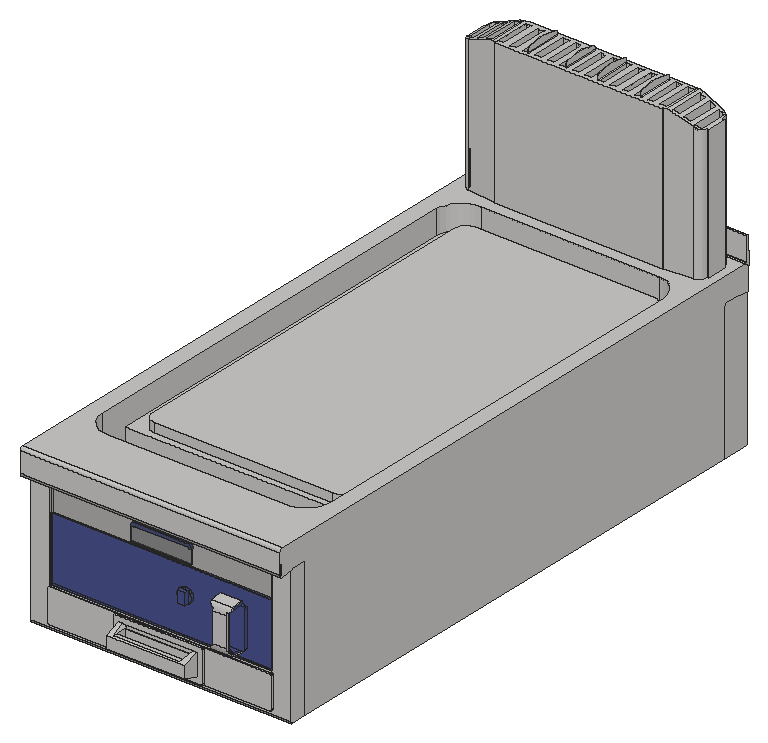
Revit family "QF_ELECTROLUXPROFESSIONAL_589093_MCHMABDOPO", category Specialty Equipment, Revit 2018
Family settings
  Round Connector Dimension = Use Diameter
  Part Type = Normal
  Work Plane-Based = No
  Always vertical = Yes
  Cut with Voids When Loaded = No
  Shared = No
  Room Calculation Point = No
Parameters
  Weight in Pounds = 152.1
  Watts = 0 W
  URL Cutsheet = ""
  Type Mark [instance] = ""
  Specification by User [instance] = ""
  Specification by Manufacturer = ""
  Show Clearance [instance] = yes
  Serial Number = ""
  Seismic Rating = ""
  SMACNA No = ""
  Revision Code [instance] = ""
  Omniclass Number and Title = ""
  NAFEM Spec ID Number = ""
  Model = "589093"
  Mechanical Remarks = ""
  Mechanical Connection Type = ""
  Masterspec = ""
  Manufacturer = "ELECTROLUX"
  Item Number [instance] = ""
  Installed By [instance] = ""
  Identify Quantity as Lot [instance] = yes
  HP = "0 HP"
  Gas Size = 1/2"
  Gas RI Height [instance] = 0 mm
  Gas KW = 10
  Gas Input [instance] = 34090.0 Btu/h
  Gas Connection Height = 0 mm
  Furnished By [instance] = ""
  Foodservice Equipment Identifier [instance] = yes
  Direct Waste Size = 0"
  Description = "GAS FRYTOP,SMOOTH,1S,BSPL,400X900X250H"
  CSI MasterFormat = ""
  CSI Master Format = ""
Reference planes
  plane 1 "BACK": y = 0
  plane 2: z = 0
  plane 3 "LEFT": x = 0
  plane 4 "RIGHT": x = 400
  plane 5 "FRONT": y = -900
  plane 6 "TOP": z = 250
  plane 7: x = 200
  plane 8: y = -450
  plane 9: z = 481
  plane 10: y = -1330
Forms (mm)
  Extrusion 1, solid, material "QF_Finishes_Stainless Steel"
    sketch origin (0, -487.128, 0) x (0, 1, 0) y (0, 0, 1)
      loop
        line (483.128, 250) -> (-408.872, 250)
        arc (-408.872, 250) -> (-411.7, 248.828) -> (-412.872, 246) r 4
        line (-412.872, 246) -> (-412.872, 214)
        arc (-412.872, 214) -> (-411.443, 210.936) -> (-408.177, 210.061) r 4
        line (-408.177, 210.061) -> (-391.509, 213) -> (-366.872, 213) -> (-366.872, 0) -> (441.128, 0) -> (441.128, 213) -> (465.765, 213) -> (482.433, 210.061)
        arc (482.433, 210.061) -> (485.699, 210.936) -> (487.128, 214) r 4
        line (487.128, 214) -> (487.128, 246)
        arc (487.128, 246) -> (485.956, 248.828) -> (483.128, 250) r 4
    from 0 to 400
  Extrusion 2, void
    sketch origin (653.786, 44.048, 250) x (1, 0, 0) y (0, -1, 0)
      loop
        line (-590.636, 138.048) -> (-316.936, 138.048)
        arc (-316.936, 138.048) -> (-289.96, 149.222) -> (-278.786, 176.198) r 38.15
        line (-278.786, 176.198) -> (-278.786, 816.572)
        arc (-278.786, 816.572) -> (-290.056, 843.779) -> (-317.263, 855.048) r 38.476
        line (-317.263, 855.048) -> (-591.786, 855.048)
        arc (-591.786, 855.048) -> (-617.949, 844.211) -> (-628.786, 818.048) r 37
        line (-628.786, 818.048) -> (-628.786, 176.198)
        arc (-628.786, 176.198) -> (-617.613, 149.222) -> (-590.636, 138.048) r 38.15
    from 0 to 37
  Extrusion 3, void
    sketch origin (1307.573, 92.096, 213) x (0, 1, 0) y (1, 0, 0)
      loop
        line (-821.846, -932.573) -> (-864.62, -932.573)
        arc (-864.62, -932.573) -> (-891.827, -943.842) -> (-903.096, -971.049) r 38.476
        line (-903.096, -971.049) -> (-903.096, -1245.573)
        arc (-903.096, -1245.573) -> (-892.259, -1271.736) -> (-866.096, -1282.573) r 37
        line (-866.096, -1282.573) -> (-821.846, -1282.573) -> (-821.846, -932.573)
    from 0 to 25.6
  Extrusion 4, void
    sketch origin (1307.573, 92.096, 187.4) x (-1, 0, 0) y (0, 1, 0)
      loop
        circle (1212.573, -862.096) r 22.248
    from 0 to 92
  Extrusion 5, solid, material "QF_Finishes_Stainless Steel"
    sketch origin (0, -854, 0) x (1, 0, 0) y (0, -1, 0)
      loop
        circle (365, -264) r 6.35
    from 0 to 3.2
  Extrusion 6, solid, material "QF_Door-Drawer Clearances", visible <- "Show Clearance", detail levels coarse
    sketch origin (237.31, -881.593, 8.62) x (0, 0, 1) y (-1, 0, 0)
      loop
        line (1.973, -134.295) -> (49.317, -134.295)
        arc (49.317, -134.295) -> (50.776, -133.691) -> (51.38, -132.232) r 2.063
        line (51.38, -132.232) -> (51.38, 206.852)
        arc (51.38, 206.852) -> (50.88, 208.549) -> (49.541, 209.705) r 3.133
        line (49.541, 209.705) -> (3.067, 209.705)
        arc (3.067, 209.705) -> (0.898, 208.807) -> (0, 206.638) r 3.067
        line (0, 206.638) -> (0, -132.322)
        arc (0, -132.322) -> (0.578, -133.717) -> (1.973, -134.295) r 1.973
    from 0 to 448.407
  Extrusion 7, solid, material "QF_Finishes_Stainless Steel"
    sketch origin (653.786, 44.048, 213) x (1, 0, 0) y (0, 1, 0)
      loop
        line (-608.786, -166.361) -> (-608.786, -745.485)
        arc (-608.786, -745.485) -> (-603.47, -758.319) -> (-590.636, -763.635) r 18.15
        line (-590.636, -763.635) -> (-316.936, -763.635)
        arc (-316.936, -763.635) -> (-304.102, -758.319) -> (-298.786, -745.485) r 18.15
        line (-298.786, -745.485) -> (-298.786, -166.361)
        arc (-298.786, -166.361) -> (-304.102, -153.527) -> (-316.936, -148.211) r 18.15
        line (-316.936, -148.211) -> (-590.636, -148.211)
        arc (-590.636, -148.211) -> (-603.47, -153.527) -> (-608.786, -166.361) r 18.15
    from 0 to 13.3
  Extrusion 8, solid, material "QF_Clearances", visible <- "Show Clearance", detail levels coarse
    sketch origin (-178.969, -4572, 0) x (-1, 0, 0) y (0, -1, 0)
      loop
        line (-78.969, -3672) -> (-178.969, -3672) -> (-178.969, -4572) -> (-578.969, -4572) -> (-578.969, -3672) -> (-678.969, -3672) -> (-678.969, -4672) -> (-78.969, -4672) -> (-78.969, -3672)
    from 0 to 250
  Extrusion 9, solid, material "QF_Finishes_Stainless Steel"
    sketch origin (0, 0, 0) x (0, 1, 0) y (0, 0, 1)
      loop
        line (-2.951, 1.994) -> (-2.951, 210.127)
        arc (-2.951, 210.127) -> (-3.795, 210.003) -> (-4.646, 210.061) r 4
        line (-4.646, 210.061) -> (-21.287, 212.994) -> (-45, 212.994) -> (-45, -0.006) -> (-4.951, -0.006)
        arc (-4.951, -0.006) -> (-3.537, 0.58) -> (-2.951, 1.994) r 2
      loop
        arc (-1.951, 252) -> (-2.537, 250.586) -> (-3.951, 250) r 2
        arc (-3.951, 250) -> (-1.172, 248.823) -> (0, 245.994) r 4
        line (0, 245.994) -> (0, 288) -> (-1.951, 288) -> (-1.951, 252)
    from 400 to 0
Cuts and joins
  Extrusion 2, Extrusion 3, Extrusion 4 cuts Extrusion 1
Lines and regions (mm)
  symbolic lines
    curve 1: line (293.666, -902.326, 0) -> (293.666, -900, 0)
    curve 2: spline (299.334, -903.73, 0) -> (298.856, -903.657, 0) -> (298.378, -903.575, 0) -> (297.901, -903.486, 0) -> (297.425, -903.389, 0) -> (296.95, -903.283, 0) -> (296.476, -903.17, 0) -> (296.004, -903.049, 0) -> (295.533, -902.92, 0) -> (295.064, -902.783, 0) -> (294.596, -902.638, 0) -> (294.13, -902.486, 0) -> (293.666, -902.326, 0)
    curve 3: line (325.881, -902.326, 0) -> (325.881, -900, 0)
    curve 4: spline (325.881, -902.326, 0) -> (325.417, -902.486, 0) -> (324.951, -902.638, 0) -> (324.483, -902.783, 0) -> (324.014, -902.92, 0) -> (323.543, -903.049, 0) -> (323.071, -903.17, 0) -> (322.597, -903.283, 0) -> (322.122, -903.389, 0) -> (321.646, -903.486, 0) -> (321.169, -903.575, 0) -> (320.691, -903.657, 0) -> (320.213, -903.73, 0)
    curve 5: line (299.334, -903.73, 0) -> (320.213, -903.73, 0)
    curve 6: line (25, -774, 0) -> (25, -132.15, 0)
    curve 7: arc (25, -132.15, 0) -> (36.174, -105.174, 0) -> (63.15, -94, 0) r 38.15
    curve 8: line (63.15, -94, 0) -> (336.85, -94, 0)
    curve 9: arc (336.85, -94, 0) -> (363.826, -105.174, 0) -> (375, -132.15, 0) r 38.15
    curve 10: line (375, -132.15, 0) -> (375, -772.524, 0)
    curve 11: arc (375, -772.524, 0) -> (363.731, -799.731, 0) -> (336.524, -811, 0) r 38.476
    curve 12: line (336.524, -811, 0) -> (62, -811, 0)
    curve 13: arc (62, -811, 0) -> (35.837, -800.163, 0) -> (25, -774, 0) r 37
    curve 14: line (375, -729.75, 0) -> (25, -729.75, 0)
    curve 15: circle (95, -770, 0) r 22.248 normal (0, 0, -1)
    curve 16: line (0, 0, 0) -> (400, 0, 0)
    curve 17: line (0, -900, 0) -> (0, 0, 0)
    curve 18: line (400, -900, 0) -> (0, -900, 0)
    curve 19: line (400, 0, 0) -> (400, -900, 0)
    curve 20: line (147.608, -908.767, 0) -> (250.042, -908.767, 0)
    curve 21: line (250.042, -908.767, 0) -> (251.588, -900, 0)
    curve 22: line (147.608, -908.767, 0) -> (146.062, -900, 0)
  symbolic lines, style "QF_Door-Drawer Clearances"
    curve 23: line (27.605, -1330, 0) -> (27.605, -900, 0)
    curve 24: line (27.605, -1330, 0) -> (371.605, -1330, 0)
    curve 25: line (371.605, -1330, 0) -> (371.605, -900, 0)
  symbolic lines, style "SpecialityEquipment"
    curve 26: line (355, -701.437, 0) -> (355, -122.313, 0)
    curve 27: arc (355, -122.313, 0) -> (349.684, -109.479, 0) -> (336.85, -104.163, 0) r 18.15
    curve 28: line (336.85, -104.163, 0) -> (63.15, -104.163, 0)
    curve 29: arc (63.15, -104.163, 0) -> (50.316, -109.479, 0) -> (45, -122.313, 0) r 18.15
    curve 30: line (45, -122.313, 0) -> (45, -701.437, 0)
    curve 31: arc (45, -701.437, 0) -> (50.316, -714.271, 0) -> (63.15, -719.587, 0) r 18.15
    curve 32: line (63.15, -719.587, 0) -> (336.85, -719.587, 0)
    curve 33: arc (336.85, -719.587, 0) -> (349.684, -714.271, 0) -> (355, -701.437, 0) r 18.15
    curve 37: line (0, -1.951, 0) -> (400, -1.951, 0)
  symbolic lines, style "QF_Clearances", visible <- "Show Clearance", detail levels coarse
    curve 34: line (-100, 100, 0) -> (-100, -900, 0)
    curve 35: line (500, 100, 0) -> (-100, 100, 0)
    curve 36: line (500, -900, 0) -> (500, 100, 0)
Dimensions and locks
  plane 3 "LEFT" to plane 4 "RIGHT" = 400 mm
  plane 5 "FRONT" to plane 1 "BACK" = 900 mm
  equal spacing: plane 3 "LEFT", plane 7, plane 4 "RIGHT"
  equal spacing: plane 5 "FRONT", plane 8, plane 1 "BACK"
  plane 6 "TOP" to level = 250 mm  (x2)
  plane 1 "BACK" to plane 5 "FRONT" = 900 mm
  Extrusion 5 sketch curve to plane 1 "BACK" = 590 mm
  Extrusion 5 sketch curve to plane 4 "RIGHT" = 35 mm
  plane 5 "FRONT" to plane 10 = 430 mm
  plane 9 to plane 6 "TOP" = 231 mm
  plane 9 to level = 481 mm
  Extrusion 8 to plane 3 "LEFT" = 100 mm
  plane 4 "RIGHT" to Extrusion 8 = 100 mm
  plane 1 "BACK" to Extrusion 8 = 100 mm
  radius of Extrusion 7 sketch curve = 18.15 mm  (x4)
  aligned and locked: level to plane 2
  aligned and locked: plane 7 to nested 1
  aligned and locked: Extrusion 6 to plane 10
  aligned and locked: nested 2 to plane 6 "TOP"
  aligned and locked: plane 6 "TOP" to Extrusion 8
  aligned and locked: Extrusion 9 to plane 4 "RIGHT"
Automatic sketch dimensions
  Extrusion 1 to Extrusion 2 sketch curve = 90 mm
  Extrusion 1 to Extrusion 2 sketch curve = 122 mm
  Extrusion 1 to Extrusion 2 sketch curve = 25 mm
  Extrusion 2 sketch curve to Extrusion 2 sketch curve = 38.15 mm  (x2)
  Extrusion 1 to Extrusion 2 sketch curve = 123.476 mm
  Extrusion 1 to Extrusion 2 sketch curve = 85 mm
  Extrusion 2 sketch curve to Extrusion 2 sketch curve = 274.524 mm
  Extrusion 1 sketch curve to plane 5 "FRONT" = 0 mm
  Extrusion 1 sketch curve to plane 6 "TOP" = 0 mm
  Extrusion 1 sketch curve to level = 0 mm
  Extrusion 1 sketch curve to plane 1 "BACK" = 0 mm
  Extrusion 1 sketch curve to plane 6 "TOP" = 37 mm  (x2)
  Extrusion 1 sketch curve to plane 5 "FRONT" = 4 mm
  Extrusion 1 sketch curve to plane 5 "FRONT" = 21.363 mm
  Extrusion 1 sketch curve to plane 5 "FRONT" = 46 mm
  plane 1 "BACK" to Extrusion 1 sketch curve = 21.363 mm
  plane 1 "BACK" to Extrusion 1 sketch curve = 4 mm  (x2)
  Extrusion 1 sketch curve to Extrusion 1 sketch curve = 4 mm
  Extrusion 1 sketch curve to Extrusion 1 sketch curve = 0.695 mm
  Extrusion 1 sketch curve to Extrusion 1 sketch curve = 0 mm  (x4)
  plane 1 "BACK" to Extrusion 1 sketch curve = 4.695 mm
  Extrusion 1 sketch curve to Extrusion 1 sketch curve = 1 mm  (x2)
  plane 1 "BACK" to Extrusion 1 sketch curve = 46 mm
  Extrusion 3 sketch curve to Extrusion 2 = 81.25 mm
  Extrusion 2 to Extrusion 3 sketch curve = 0 mm  (x2)
  Extrusion 3 sketch curve to Extrusion 3 sketch curve = 37 mm
  Extrusion 3 sketch curve to Extrusion 3 sketch curve = 274.524 mm
  Extrusion 3 sketch curve to Extrusion 2 = 38.476 mm
  Extrusion 4 sketch curve to Extrusion 3 = 41 mm
  Extrusion 4 sketch curve to Extrusion 3 = 70 mm
  Extrusion 6 sketch curve to nested 1 = 1.973 mm
  Extrusion 6 sketch curve to nested 1 = 2.853 mm
  Extrusion 6 sketch curve to nested 1 = 1.839 mm
  Extrusion 7 sketch curve to Extrusion 2 = 20 mm
  Extrusion 7 sketch curve to Extrusion 2 = 91.413 mm
  Extrusion 7 sketch curve to Extrusion 2 = 38.15 mm
  Extrusion 7 sketch curve to Extrusion 2 = 28.313 mm
  plane 1 "BACK" to Extrusion 8 sketch curve = 0 mm
  plane 5 "FRONT" to Extrusion 8 sketch curve = 0 mm  (x2)
  Extrusion 8 sketch curve to plane 4 "RIGHT" = 100 mm
  Extrusion 8 sketch curve to plane 1 "BACK" = 100 mm
  Extrusion 8 sketch curve to plane 3 "LEFT" = 100 mm
  Extrusion 8 sketch curve to plane 3 "LEFT" = 0 mm
  Extrusion 8 sketch curve to plane 4 "RIGHT" = 0 mm
  Extrusion 9 sketch curve to plane 1 "BACK" = 0 mm  (x2)
  Extrusion 9 sketch curve to level = 0.006 mm
  Extrusion 9 sketch curve to plane 6 "TOP" = 0 mm
  Extrusion 9 sketch curve to Extrusion 9 sketch curve = 1.951 mm
  plane 1 "BACK" to Extrusion 9 sketch curve = 2.951 mm
  Extrusion 9 sketch curve to Extrusion 9 sketch curve = 2 mm  (x2)
  Extrusion 9 sketch curve to Extrusion 9 sketch curve = 18.335 mm
  Extrusion 9 sketch curve to Extrusion 9 sketch curve = 40.049 mm
  Extrusion 9 sketch curve to Extrusion 9 sketch curve = 1.695 mm
  Extrusion 9 sketch curve to Extrusion 9 sketch curve = 0 mm  (x3)
  Extrusion 9 sketch curve to Extrusion 9 sketch curve = 4 mm
  plane 1 "BACK" to Extrusion 9 sketch curve = 3.951 mm
  Extrusion 9 sketch curve to plane 6 "TOP" = 39.873 mm
  Extrusion 9 sketch curve to plane 6 "TOP" = 37.006 mm
  Extrusion 9 sketch curve to Extrusion 9 sketch curve = 36 mm
  Extrusion 9 sketch curve to Extrusion 9 sketch curve = 0.066 mm
  Extrusion 9 sketch curve to plane 6 "TOP" = 4.006 mm
  plane 1 "BACK" to curve 16 = 0 mm
  curve 24 to plane 10 = 0 mm
  curve 17 to plane 3 "LEFT" = 0 mm
  plane 5 "FRONT" to curve 18 = 0 mm
  plane 5 "FRONT" to curve 36 = 0 mm
  curve 37 to plane 4 "RIGHT" = 0 mm
  plane 5 "FRONT" to curve 34 = 0 mm
  curve 35 to plane 4 "RIGHT" = 100 mm
  plane 4 "RIGHT" to curve 10 = 25 mm
  plane 4 "RIGHT" to curve 24 = 28.395 mm
  curve 10 to curve 26 = 20 mm
  curve 33 to curve 32 = 18.15 mm
  curve 27 to curve 28 = 18.15 mm
  curve 8 to curve 27 = 0 mm
  curve 11 to curve 12 = 38.476 mm
  plane 5 "FRONT" to curve 3 = 2.326 mm
  curve 25 to curve 3 = 45.724 mm
  plane 5 "FRONT" to curve 5 = 3.73 mm
  curve 3 to curve 5 = 5.669 mm
  curve 5 to curve 5 = 20.878 mm
  plane 5 "FRONT" to curve 1 = 2.326 mm
  curve 2 to curve 1 = 5.669 mm
  plane 5 "FRONT" to curve 21 = 8.767 mm
  curve 1 to curve 21 = 43.623 mm
  curve 22 to plane 7 = 52.392 mm
  plane 3 "LEFT" to curve 28 = 63.15 mm
  plane 3 "LEFT" to curve 32 = 63.15 mm
  curve 8 to curve 28 = 0 mm
  plane 3 "LEFT" to curve 12 = 62 mm
  curve 29 to curve 30 = 18.15 mm
  plane 3 "LEFT" to curve 23 = 27.605 mm
  plane 3 "LEFT" to curve 6 = 25 mm
  curve 34 to plane 3 "LEFT" = 100 mm
  curve 3 to curve 4 = 9.839 mm
  plane 5 "FRONT" to curve 2 = 4.032 mm
  curve 2 to curve 5 = 4.17 mm
  curve 21 to curve 20 = 1.546 mm
  curve 20 to curve 22 = 1.546 mm
  curve 15 to curve 13 = 33 mm
  curve 34 to plane 1 "BACK" = 100 mm
  plane 1 "BACK" to curve 8 = 94 mm
  curve 8 to curve 28 = 10.163 mm
  curve 26 to curve 2 = 159.462 mm
  curve 32 to curve 10 = 52.937 mm
  curve 16 to curve 37 = 1.951 mm
  curve 30 to curve 14 = 28.313 mm
  curve 15 to curve 13 = 4 mm
  curve 2 to curve 4 = 0 mm
  radius of Extrusion 4 sketch curve = 22.248 mm
  radius of Extrusion 5 sketch curve = 6.35 mm
  radius of Extrusion 6 sketch curve to nested 1 = 0 mm  (x2)
  radius of curve 15 = 22.248 mm
Nested families
  nested 1: "GG_900_400 Front Panel with Center Grease Trap" at (202.376, -854, -650), type "GG_900_400 Front Panel with Center Grease Trap"
  nested 2: "GG_900_Flute for 400 fryer" at (404.201, -5, -635.571), type "GG_900_Flute for 400 fryer"
Connectors
  piping at (365, -590, -3.2), diameter 12.8
    settings: on Extrusion 5, index 1, connector inside diameter 0.50394", connector length 0 mm, flow factor 0, pipe flow 0 GPM, pressure drop 0.00 psi, fitting loss kfactor 0, connector angle 0.00°, fixture units 0, engagement length 0 mm, angle of deflection 0.00°, flow configuration 1, flow direction 1, fitting loss method 0, system type 7, joint type 0, gender type 0, connector reference index -1, connector utility 0, adjustable connector no, is connector primary yes, connector description "GAS CONNECTION"
Definition of nested family "GG_900_400 Front Panel with Center Grease Trap"
  Reference planes
    plane 1 "Center (Front/Back)": y = 0
    plane 2: z = 0
    plane 3 "Center (Left/Right)": x = -2.376
    plane 4: x = -202.376
    plane 5: x = 197.624
  Forms (mm)
    Extrusion 1, solid
      sketch origin (833.217, 829.203, -1.25) x (0, 1, 0) y (0, 0, 1)
        loop
          arc (-854.203, 654.25) -> (-853.324, 652.129) -> (-851.203, 651.25) r 3
          line (-851.203, 651.25) -> (-829.203, 651.25) -> (-829.203, 864.25) -> (-854.203, 864.25) -> (-854.203, 654.25)
      from -1035.593 to -635.593
    Extrusion 2, void
      sketch origin (33.217, 829.203, -1.25) x (1, 0, 0) y (0, 0, 1)
        loop
          line (-207.593, 855.116) -> (-207.593, 713.116) -> (136.407, 713.116) -> (136.407, 855.116) -> (-207.593, 855.116)
      from 848.59 to 854.203
    Extrusion 3, solid
      sketch origin (-166.718, -23.053, 847.184) x (0, 0, -1) y (1, 0, 0)
        loop
          circle (77.168, 200.901) r 11
      from 0 to 3.2
    Extrusion 4, solid
      sketch origin (-166.718, -26.253, 847.184) x (0, 0, -1) y (1, 0, 0)
        loop
          line (67.962, 195.586) -> (86.297, 195.586) -> (86.297, 206.217) -> (67.962, 206.217) -> (67.962, 195.586)
      from 0 to 6.4
  Cuts and joins
    Extrusion 2 cuts Extrusion 1
  Dimensions and locks
    equal spacing: plane 5, plane 3 "Center (Left/Right)", plane 4
    plane 5 to plane 4 = 400 mm
    plane 5 to nested 1 = 90 mm
    aligned and locked: cut or joined group of Extrusion 1, Extrusion 2 to plane 4
    aligned and locked: plane 5 to cut or joined group of Extrusion 1, Extrusion 2
    aligned and locked: plane 3 "Center (Left/Right)" to nested 2
    aligned and locked: cut or joined group of Extrusion 1, Extrusion 2 to nested 2
    aligned and locked: plane 3 "Center (Left/Right)" to nested 3
  Automatic sketch dimensions
    Extrusion 1 sketch curve to plane 1 "Center (Front/Back)" = 0 mm
    plane 1 "Center (Front/Back)" to Extrusion 1 sketch curve = 22 mm
    Extrusion 1 sketch curve to Extrusion 1 sketch curve = 3 mm
    level to Extrusion 1 sketch curve = 650 mm
    Extrusion 1 sketch curve to Extrusion 1 sketch curve = 210 mm
    plane 4 to Extrusion 2 sketch curve = 28 mm
    Extrusion 2 sketch curve to plane 5 = 28 mm
    level to Extrusion 2 sketch curve = 711.866 mm
    Extrusion 2 sketch curve to Extrusion 2 sketch curve = 142 mm
    nested 2 to Extrusion 3 sketch curve = 40.144 mm
    Extrusion 3 sketch curve to nested 2 = 132.531 mm
    Extrusion 4 sketch curve to Extrusion 4 sketch curve = 18.335 mm
    Extrusion 4 sketch curve to Extrusion 4 sketch curve = 10.631 mm
    radius of Extrusion 3 sketch curve = 11 mm
  Nested families
    nested 1: "Range Control Handle" at (107.624, -28.137, -209.113) x (-1, 0, 0) z (0, 0, 1), type "Range Control Handle"
    nested 2: "glass conrol panel" at (-2.376, 280.644, 2.752), type "glass conrol panel"
    nested 3: "grease trap door" at (65.223, -25, 0.608) x (-1, 0, 0) z (0, 0, 1), type "grease trap door"
  Definition of nested family "Range Control Handle"
    Reference planes
      plane 1 "Center (Front/Back)": y = 0
      plane 2: z = 0
      plane 3 "Center (Left/Right)": x = 0
      plane 4: z = 971.092
    Forms (mm)
      Extrusion 1, solid
        sketch origin (-746.28, 380.497, 208.931) x (-1, 0, 0) y (0, 0, 1)
          loop
            line (-770.101, 786.798) -> (-770.101, 731.649)
            arc (-770.101, 731.649) -> (-769.759, 730.563) -> (-768.855, 729.87) r 1.893
            line (-768.855, 729.87) -> (-763.474, 727.911) -> (-729.81, 727.911) -> (-724.428, 729.87)
            arc (-724.428, 729.87) -> (-723.525, 730.563) -> (-723.183, 731.649) r 1.893
            line (-723.183, 731.649) -> (-723.183, 786.798)
            arc (-723.183, 786.798) -> (-723.529, 787.894) -> (-724.44, 788.593) r 1.91
            line (-724.44, 788.593) -> (-729.683, 790.819) -> (-763.601, 790.819) -> (-768.844, 788.593)
            arc (-768.844, 788.593) -> (-769.755, 787.894) -> (-770.101, 786.798) r 1.91
        from -382.35 to -378.852
      Sweep 2, solid
        path origin (-746.788, 380.496, 208.091) x (0, -1, 0) y (0, 0, 1)
          loop
            line (379.775, 793.281) -> (395.661, 791.048)
            arc (395.661, 791.048) -> (397.781, 787.377) -> (398.517, 783.202) r 12.207
            line (398.517, 783.202) -> (398.517, 737.368)
            arc (398.517, 737.368) -> (397.781, 733.193) -> (395.661, 729.522) r 12.207
            line (395.661, 729.522) -> (379.775, 727.289)
        profile origin (-746.788, -7.222, 1000.256) x (0, -0.139173, 0.990268) y (-1, 0, 0)
          loop
            line (0.782, -763.123) -> (0.782, -730.907) -> (-1.322, -730.907) -> (-1.322, -763.123) -> (0.782, -763.123)
      Sweep 3, solid
        path origin (-746.788, 380.715, 207.832) x (0, -1, 0) y (0, 0, 1)
          loop
            line (380.478, 795.442) -> (397.218, 793.09)
            arc (397.218, 793.09) -> (399.929, 788.473) -> (400.871, 783.202) r 15.207
            line (400.871, 783.202) -> (400.871, 737.584)
            arc (400.871, 737.584) -> (399.914, 732.274) -> (397.164, 727.633) r 15.207
            line (397.164, 727.633) -> (380.601, 725.305)
        profile origin (-746.788, -8.132, 1002.099) x (0, -0.139173, 0.990268) y (-1, 0, 0)
          loop
            line (0.782, -763.123) -> (0.782, -730.907) -> (-1.322, -730.907) -> (-1.322, -763.123) -> (0.782, -763.123)
      Extrusion 4, void
        sketch origin (889.253, 220.666, 207.993) x (1, 0, 0) y (0, 0, 1)
          loop
            line (-943.038, 816.854) -> (-943.038, 703.686) -> (-899.466, 734.196) -> (-899.466, 786.344) -> (-943.038, 816.854)
        from 230.636 to 242.25
      Extrusion 5, void
        sketch origin (-888.8, 220.666, 207.993) x (-1, 0, 0) y (0, 0, -1)
          loop
            line (-943.038, -816.854) -> (-899.466, -786.344) -> (-899.466, -734.196) -> (-943.038, -703.686) -> (-943.038, -816.854)
        from 230.636 to 242.25
      Extrusion 6, solid
        sketch origin (0, 0, 0) x (1, 0, 0) y (0, 0, 1)
          loop
            circle (0, 971.092) r 7.736
        from -3.137 to -1.645
    Cuts and joins
      Extrusion 4, Extrusion 5 cuts Sweep 3
      Extrusion 4, Extrusion 5 cuts Sweep 2
      joined: Extrusion 1, Extrusion 6
    Lines and regions (mm)
      symbolic lines
        curve 1: line (23.821, 1.645, 0) -> (-23.097, 1.645, 0)
        curve 2: line (16.334, -1.853, 0) -> (23.821, -1.853, 0)
        curve 3: line (-15.881, -19.189, 0) -> (-15.881, -1.853, 0)
        curve 4: line (-23.097, -1.853, 0) -> (-15.881, -1.853, 0)
        curve 5: line (16.334, -19.189, 0) -> (16.334, -1.853, 0)
        curve 6: spline (-15.881, -19.189, 0) -> (-15.417, -19.349, 0) -> (-14.951, -19.501, 0) -> (-14.483, -19.646, 0) -> (-14.014, -19.783, 0) -> (-13.543, -19.912, 0) -> (-13.071, -20.033, 0) -> (-12.597, -20.146, 0) -> (-12.122, -20.251, 0) -> (-11.646, -20.349, 0) -> (-11.169, -20.438, 0) -> (-10.691, -20.52, 0) -> (-10.213, -20.593, 0)
        curve 7: spline (10.666, -20.593, 0) -> (11.144, -20.52, 0) -> (11.622, -20.438, 0) -> (12.099, -20.349, 0) -> (12.575, -20.251, 0) -> (13.05, -20.146, 0) -> (13.524, -20.033, 0) -> (13.996, -19.912, 0) -> (14.467, -19.783, 0) -> (14.936, -19.646, 0) -> (15.404, -19.501, 0) -> (15.87, -19.349, 0) -> (16.334, -19.189, 0)
        curve 8: line (-10.213, -20.938, 0) -> (10.716, -20.938, 0)
        curve 9: line (-23.097, 1.645, 0) -> (-23.097, -1.853, 0)
        curve 10: line (23.821, 1.645, 0) -> (23.821, -1.853, 0)
  Definition of nested family "glass conrol panel"
    Reference planes
      plane 1 "Center (Front/Back)": y = 0
      plane 2: z = 0
      plane 3 "Center (Left/Right)": x = 0
    Forms (mm)
      Extrusion 1, solid
        sketch origin (378.286, 0, 0.617) x (1, 0, 0) y (0, 0, 1)
          loop
            line (-550.286, 806.791) -> (-550.286, 708.497) -> (-206.286, 708.497) -> (-206.286, 806.791) -> (-550.286, 806.791)
        from 300.031 to 304.8
      Extrusion 2, solid
        sketch origin (378.286, 0, 0.617) x (1, 0, 0) y (0, 0, 1)
          loop
            line (-550.286, 850.497) -> (-550.286, 806.791) -> (-206.286, 806.791) -> (-206.286, 850.497) -> (-550.286, 850.497)
        from 300.031 to 304.8
      Extrusion 3, void
        sketch origin (378.286, 0, 0.617) x (1, 0, 0) y (0, 0, 1)
          loop
            line (-547.628, 847.565) -> (-547.628, 710.699) -> (-209.196, 710.699) -> (-209.196, 847.565) -> (-547.628, 847.565)
        from 303.697 to 304.8
      Extrusion 4, solid
        sketch origin (-308.309, 1.101, -0.633) x (-1, 0, 0) y (0, 0, -1)
          loop
            line (-261.431, -812.62) -> (-355.186, -812.62) -> (-355.186, -834.177) -> (-350.269, -834.177) -> (-348.469, -835.977) -> (-268.039, -835.977) -> (-266.24, -834.177) -> (-261.431, -834.177) -> (-261.431, -812.62)
        from 304.798 to 306.745
      Extrusion 5, solid
        sketch origin (-308.309, 1.101, -0.633) x (-1, 0, 0) y (0, 0, -1)
          loop
            line (-350.269, -834.177) -> (-355.078, -834.177)
            arc (-355.078, -834.177) -> (-353.942, -838.747) -> (-349.686, -840.763) r 5.5
            line (-349.686, -840.763) -> (-266.98, -840.763)
            arc (-266.98, -840.763) -> (-262.706, -838.752) -> (-261.529, -834.177) r 5.549
            line (-261.529, -834.177) -> (-266.24, -834.177) -> (-268.039, -835.977) -> (-348.469, -835.977) -> (-350.269, -834.177)
        from 304.798 to 306.745
    Cuts and joins
      Extrusion 3 cuts Extrusion 1
      Extrusion 3 cuts Extrusion 2
    Dimensions and locks
      aligned and locked: Extrusion 1 to Extrusion 2
      aligned and locked: Extrusion 5 sketch curve to Extrusion 4  (x5)
      aligned and locked: Extrusion 5 to Extrusion 4
  Definition of nested family "grease trap door"
    Reference planes
      plane 1 "Center (Front/Back)": y = 0
      plane 2: z = 0
      plane 3 "Center (Left/Right)": x = 0
    Forms (mm)
      Extrusion 1, solid
        sketch origin (1627.55, 854.203, -1.25) x (1, 0, 0) y (0, 0, 1)
          loop
            arc (-1627.55, 661.235) -> (-1626.972, 659.84) -> (-1625.577, 659.262) r 1.973
            line (-1625.577, 659.262) -> (-1494.325, 659.262)
            arc (-1494.325, 659.262) -> (-1492.156, 660.16) -> (-1491.258, 662.329) r 3.067
            line (-1491.258, 662.329) -> (-1491.258, 708.803)
            arc (-1491.258, 708.803) -> (-1492.414, 710.143) -> (-1494.111, 710.642) r 3.133
            line (-1494.111, 710.642) -> (-1625.486, 710.642)
            arc (-1625.486, 710.642) -> (-1626.945, 710.038) -> (-1627.55, 708.579) r 2.063
            line (-1627.55, 708.579) -> (-1627.55, 661.235)
        from 856.795 to 859.203
      Extrusion 2, solid
        sketch origin (445.874, 2476.61, 0) x (0, 1, 0) y (0, 0, 1)
          loop
            line (-2506.377, 675.273) -> (-2481.61, 667.505) -> (-2481.61, 700.995) -> (-2506.377, 693.227) -> (-2506.377, 675.273)
        from -437.68 to -317.68
      Extrusion 3, void
        sketch origin (1627.55, 854.203, -1.25) x (1, 0, 0) y (0, 0, 1)
          loop
            line (-1614.883, 703) -> (-1610.542, 695.433) -> (-1508.17, 695.433) -> (-1503.828, 703) -> (-1614.883, 703)
          loop
            line (-1614.883, 668) -> (-1502.669, 668) -> (-1507.01, 675.567) -> (-1610.542, 675.567) -> (-1614.883, 668)
        from 832.916 to 883.97
      Extrusion 4, void
        sketch origin (447.55, 854.203, -1.25) x (1, 0, 0) y (0, 0, 1)
          loop
            line (-430.542, 695.433) -> (-430.542, 675.567) -> (-328.17, 675.567) -> (-328.17, 695.433) -> (-430.542, 695.433)
        from 859.203 to 874.202
      Extrusion 5, solid
        sketch origin (1627.55, 854.203, -1.25) x (1, 0, 0) y (0, 0, 1)
          loop
            arc (-1731.556, 661.235) -> (-1730.978, 659.84) -> (-1729.583, 659.262) r 1.973
            line (-1729.583, 659.262) -> (-1390.623, 659.262)
            arc (-1390.623, 659.262) -> (-1388.454, 660.16) -> (-1387.556, 662.329) r 3.067
            line (-1387.556, 662.329) -> (-1387.556, 708.803)
            arc (-1387.556, 708.803) -> (-1388.712, 710.143) -> (-1390.409, 710.642) r 3.133
            line (-1390.409, 710.642) -> (-1729.493, 710.642)
            arc (-1729.493, 710.642) -> (-1730.952, 710.038) -> (-1731.556, 708.579) r 2.063
            line (-1731.556, 708.579) -> (-1731.556, 661.235)
        from 854.203 to 856.795
    Cuts and joins
      Extrusion 3 cuts Extrusion 1
      Extrusion 3, Extrusion 4 cuts Extrusion 2
      joined: Extrusion 1, Extrusion 2
    Lines and regions (mm)
      symbolic lines
        curve 1: line (0, -2.593, 0) -> (136.292, -2.593, 0)
        curve 2: line (17.557, -29.767, 0) -> (12.667, -2.593, 0)
        curve 3: line (17.557, -29.767, 0) -> (119.991, -29.767, 0)
        curve 4: line (119.991, -29.767, 0) -> (124.881, -2.593, 0)
        curve 5: line (68.146, -2.593, 0) -> (68.146, -29.767, 0)
      model lines
        curve 6: line (67.599, 0, 658.012) -> (67.599, 0, 709.392)
    Dimensions and locks
      aligned and locked: Extrusion 2 to Extrusion 1
      aligned and locked: Extrusion 3 to Extrusion 2
      aligned and locked: Extrusion 4 to Extrusion 1
Definition of nested family "GG_900_Flute for 400 fryer"
  Reference planes
    plane 1 "Center (Front/Back)": y = 0
    plane 2: z = 0
    plane 3 "Center (Left/Right)": x = -138.888
    plane 4: x = -388.888
    plane 5: y = -37.994
    plane 6: x = -24.888
    plane 7: x = -382.888
    plane 8: x = -341.546
    plane 9: x = -397.742
    plane 10: x = -10.763
  Forms (mm)
    Extrusion 1, solid
      sketch origin (3208.371, -22.924, -275.679) x (1, 0, 0) y (0, 0, 1)
        loop
          line (-3597.259, 1365.162) -> (-3597.259, 1161.25) -> (-3227.259, 1161.25) -> (-3227.259, 1364.934) -> (-3271.553, 1381.055)
          arc (-3271.553, 1381.055) -> (-3274.994, 1381.949) -> (-3278.536, 1382.25) r 21
          line (-3278.536, 1382.25) -> (-3546.608, 1382.25)
          arc (-3546.608, 1382.25) -> (-3550.146, 1381.95) -> (-3553.582, 1381.058) r 21
          line (-3553.582, 1381.058) -> (-3597.259, 1365.162)
      from -17.885 to 48.024
    Extrusion 2, void
      sketch origin (3110.917, -926.426, -226.348) x (1, 0, 0) y (0, 1, 0)
        loop
          line (-3444.887, 915.362) -> (-3444.887, 861.502) -> (-3434.887, 861.502) -> (-3434.887, 915.362) -> (-3444.887, 915.362)
      from 1111.919 to 1332.919
    Extrusion 3, void
      sketch origin (0, 0, 0) x (1, 0, 0) y (0, 1, 0)
        loop
          line (-373.021, -61.567) -> (-373.021, -14.408) -> (-377.678, -14.821)
          spline (-377.678, -14.821) -> (-378.371, -14.929) -> (-379.046, -15.126) -> (-379.692, -15.41) -> (-380.301, -15.777) -> (-380.864, -16.22) -> (-381.37, -16.734) -> (-381.814, -17.309) -> (-382.188, -17.939) -> (-382.486, -18.613) -> (-382.704, -19.32) -> (-382.839, -20.051) -> (-382.888, -20.793)
          line (-382.888, -20.793) -> (-382.888, -55.104)
          spline (-382.888, -55.104) -> (-382.855, -55.807) -> (-382.746, -56.501) -> (-382.562, -57.176) -> (-382.305, -57.825) -> (-381.98, -58.437) -> (-381.589, -59.005) -> (-381.14, -59.521) -> (-380.637, -59.978) -> (-380.087, -60.369) -> (-379.499, -60.69) -> (-378.879, -60.936) -> (-378.237, -61.104)
          line (-378.237, -61.104) -> (-373.021, -61.567)
        loop
          line (-367.195, -62.083) -> (-357.328, -62.958) -> (-357.328, -13.046) -> (-367.195, -13.892) -> (-367.195, -62.083)
        loop
          line (-351.502, -12.529) -> (-351.502, -63.476) -> (-341.546, -64.358) -> (-341.546, -11.645) -> (-351.502, -12.529)
        loop
          line (-29.412, -14.802) -> (-33.505, -14.439) -> (-33.505, -61.567) -> (-28.848, -61.184)
          spline (-28.848, -61.184) -> (-28.15, -61.075) -> (-27.471, -60.875) -> (-26.82, -60.588) -> (-26.208, -60.217) -> (-25.644, -59.768) -> (-25.136, -59.248) -> (-24.692, -58.666) -> (-24.32, -58.029) -> (-24.024, -57.349) -> (-23.81, -56.634) -> (-23.681, -55.897) -> (-23.638, -55.149)
          line (-23.638, -55.149) -> (-23.638, -20.839)
          spline (-23.638, -20.839) -> (-23.689, -20.042) -> (-23.837, -19.26) -> (-24.082, -18.505) -> (-24.417, -17.791) -> (-24.838, -17.13) -> (-25.338, -16.534) -> (-25.906, -16.014) -> (-26.535, -15.577) -> (-27.211, -15.233) -> (-27.925, -14.986) -> (-28.663, -14.842) -> (-29.412, -14.802)
        loop
          line (-39.331, -13.922) -> (-49.198, -13.046) -> (-49.198, -62.989) -> (-39.331, -62.113) -> (-39.331, -13.922)
        loop
          line (-64.98, -11.615) -> (-64.98, -64.389) -> (-55.024, -63.506) -> (-55.024, -12.499) -> (-64.98, -11.615)
      from 885.571 to 1106.571
    Extrusion 4, void
      sketch origin (5.432, 225.414, 0) x (1, 0, 0) y (0, 1, 0)
        loop
          spline (-382.452, -291.267) -> (-383.887, -291.038) -> (-385.284, -290.622) -> (-386.623, -290.026) -> (-387.883, -289.259) -> (-389.044, -288.332) -> (-390.088, -287.26) -> (-391.001, -286.059) -> (-391.767, -284.747) -> (-392.375, -283.345) -> (-392.817, -281.874) -> (-393.084, -280.356) -> (-393.174, -278.815)
          line (-393.174, -278.815) -> (-403.174, -278.815) -> (-403.174, -302.496) -> (-338.779, -302.496) -> (-338.779, -295.112) -> (-382.452, -291.267)
        loop
          line (-382.452, -235.548) -> (-338.508, -231.703) -> (-338.508, -224.32) -> (-403.174, -224.32) -> (-403.174, -248.001) -> (-393.174, -248.001)
          spline (-393.174, -248.001) -> (-393.084, -246.459) -> (-392.817, -244.941) -> (-392.375, -243.47) -> (-391.767, -242.068) -> (-391.001, -240.757) -> (-390.088, -239.556) -> (-389.044, -238.484) -> (-387.883, -237.557) -> (-386.623, -236.79) -> (-385.284, -236.194) -> (-383.887, -235.778) -> (-382.452, -235.548)
        loop
          line (-36.918, -291.267) -> (-80.794, -295.112) -> (-80.794, -302.496) -> (-16.195, -302.496) -> (-16.195, -278.815) -> (-26.195, -278.815)
          spline (-26.195, -278.815) -> (-26.285, -280.356) -> (-26.553, -281.874) -> (-26.994, -283.345) -> (-27.602, -284.747) -> (-28.369, -286.059) -> (-29.281, -287.26) -> (-30.326, -288.332) -> (-31.487, -289.259) -> (-32.746, -290.026) -> (-34.085, -290.622) -> (-35.482, -291.038) -> (-36.918, -291.267)
        loop
          spline (-36.918, -235.548) -> (-35.482, -235.778) -> (-34.085, -236.194) -> (-32.746, -236.79) -> (-31.487, -237.557) -> (-30.326, -238.484) -> (-29.281, -239.556) -> (-28.369, -240.757) -> (-27.602, -242.068) -> (-26.994, -243.47) -> (-26.553, -244.941) -> (-26.285, -246.459) -> (-26.195, -248.001)
          line (-26.195, -248.001) -> (-16.195, -248.001) -> (-16.195, -224.32) -> (-80.861, -224.32) -> (-80.861, -231.703) -> (-36.918, -235.548)
      from 0 to 1124.213
    Extrusion 5, solid
      sketch origin (-119.329, 1835.371, -536.725) x (0, 1, 0) y (0, 0, 1)
        loop
          line (-1849.66, 1651.2) -> (-1860.917, 1653.592)
          arc (-1860.917, 1653.592) -> (-1873.392, 1654.903) -> (-1885.866, 1653.592) r 60
          line (-1885.866, 1653.592) -> (-1897.123, 1651.2)
          arc (-1897.123, 1651.2) -> (-1899.403, 1649.803) -> (-1900.294, 1647.286) r 4
          line (-1900.294, 1647.286) -> (-1900.294, 1644.257) -> (-1846.435, 1644.257) -> (-1846.435, 1647.286)
          arc (-1846.435, 1647.286) -> (-1847.327, 1649.803) -> (-1849.603, 1651.198) r 4
      from 4.99 to 5.968
    Extrusion 6, solid
      sketch origin (1141.179, -0.446, -506.698) x (1, 0, 0) y (0, 0, 1)
        loop
          line (-1428.929, 1613.23) -> (-1427.196, 1613.23)
          arc (-1427.196, 1613.23) -> (-1426.997, 1613.712) -> (-1426.929, 1614.23) r 2
          line (-1426.929, 1614.23) -> (-1427.929, 1614.23)
          arc (-1427.929, 1614.23) -> (-1428.221, 1613.523) -> (-1428.929, 1613.23) r 1
      from 10.618 to 64.478
    Extrusion 7, solid
      sketch origin (-299.878, 1835.371, -536.725) x (0, 1, 0) y (0, 0, 1)
        loop
          line (-1849.66, 1651.2) -> (-1860.917, 1653.592)
          arc (-1860.917, 1653.592) -> (-1873.392, 1654.903) -> (-1885.866, 1653.592) r 60
          line (-1885.866, 1653.592) -> (-1897.123, 1651.2)
          arc (-1897.123, 1651.2) -> (-1899.403, 1649.803) -> (-1900.294, 1647.286) r 4
          line (-1900.294, 1647.286) -> (-1900.294, 1644.257) -> (-1846.435, 1644.257) -> (-1846.435, 1647.286)
          arc (-1846.435, 1647.286) -> (-1847.327, 1649.803) -> (-1849.603, 1651.198) r 4
      from 13.128 to 14.364
    Extrusion 8, solid
      sketch origin (1199.162, -0.446, -506.698) x (1, 0, 0) y (0, 0, 1)
        loop
          line (-1428.929, 1613.23) -> (-1427.196, 1613.23)
          arc (-1427.196, 1613.23) -> (-1426.997, 1613.712) -> (-1426.929, 1614.23) r 2
          line (-1426.929, 1614.23) -> (-1427.929, 1614.23)
          arc (-1427.929, 1614.23) -> (-1428.221, 1613.523) -> (-1428.929, 1613.23) r 1
      from 10.618 to 64.478
    Extrusion 9, solid
      sketch origin (-229.628, 1835.371, -536.725) x (0, 1, 0) y (0, 0, 1)
        loop
          line (-1849.66, 1651.2) -> (-1860.917, 1653.592)
          arc (-1860.917, 1653.592) -> (-1873.392, 1654.903) -> (-1885.866, 1653.592) r 60
          line (-1885.866, 1653.592) -> (-1897.123, 1651.2)
          arc (-1897.123, 1651.2) -> (-1899.403, 1649.803) -> (-1900.294, 1647.286) r 4
          line (-1900.294, 1647.286) -> (-1900.294, 1644.257) -> (-1846.435, 1644.257) -> (-1846.435, 1647.286)
          arc (-1846.435, 1647.286) -> (-1847.327, 1649.803) -> (-1849.603, 1651.198) r 4
      from 0.861 to 1.841
    Extrusion 10, solid
      sketch origin (-1411.284, -0.446, -506.698) x (-1, 0, 0) y (0, 0, -1)
        loop
          arc (-1298.929, -1613.23) -> (-1298.221, -1613.523) -> (-1297.929, -1614.23) r 1
          line (-1297.929, -1614.23) -> (-1296.929, -1614.23)
          arc (-1296.929, -1614.23) -> (-1296.997, -1613.712) -> (-1297.196, -1613.23) r 2
          line (-1297.196, -1613.23) -> (-1298.929, -1613.23)
      from 10.618 to 64.478
    Extrusion 11, solid
      sketch origin (-185.128, 1835.371, -536.725) x (0, 1, 0) y (0, 0, 1)
        loop
          line (-1849.66, 1651.2) -> (-1860.917, 1653.592)
          arc (-1860.917, 1653.592) -> (-1873.392, 1654.903) -> (-1885.866, 1653.592) r 60
          line (-1885.866, 1653.592) -> (-1897.123, 1651.2)
          arc (-1897.123, 1651.2) -> (-1899.403, 1649.803) -> (-1900.294, 1647.286) r 4
          line (-1900.294, 1647.286) -> (-1900.294, 1644.257) -> (-1846.435, 1644.257) -> (-1846.435, 1647.286)
          arc (-1846.435, 1647.286) -> (-1847.327, 1649.803) -> (-1849.603, 1651.198) r 4
      from 4.99 to 6.005
    Extrusion 12, solid
      sketch origin (-1477.066, -0.446, -506.698) x (-1, 0, 0) y (0, 0, -1)
        loop
          arc (-1298.929, -1613.23) -> (-1298.221, -1613.523) -> (-1297.929, -1614.23) r 1
          line (-1297.929, -1614.23) -> (-1296.929, -1614.23)
          arc (-1296.929, -1614.23) -> (-1296.997, -1613.712) -> (-1297.196, -1613.23) r 2
          line (-1297.196, -1613.23) -> (-1298.929, -1613.23)
      from 10.618 to 64.478
    Extrusion 13, void
      sketch origin (3360.917, -926.426, -226.348) x (1, 0, 0) y (0, 1, 0)
        loop
          line (-3444.887, 915.362) -> (-3444.887, 861.502) -> (-3434.887, 861.502) -> (-3434.887, 915.362) -> (-3444.887, 915.362)
      from 1111.919 to 1332.919
    Extrusion 14, void
      sketch origin (3130.148, -926.426, -226.348) x (1, 0, 0) y (0, 1, 0)
        loop
          line (-3444.887, 915.362) -> (-3444.887, 861.502) -> (-3434.887, 861.502) -> (-3434.887, 915.362) -> (-3444.887, 915.362)
      from 1111.919 to 1332.919
    Extrusion 15, void
      sketch origin (3149.379, -926.426, -226.348) x (1, 0, 0) y (0, 1, 0)
        loop
          line (-3444.887, 915.362) -> (-3444.887, 861.502) -> (-3434.887, 861.502) -> (-3434.887, 915.362) -> (-3444.887, 915.362)
      from 1111.919 to 1332.919
    Extrusion 16, void
      sketch origin (3168.61, -926.426, -226.348) x (1, 0, 0) y (0, 1, 0)
        loop
          line (-3444.887, 915.362) -> (-3444.887, 861.502) -> (-3434.887, 861.502) -> (-3434.887, 915.362) -> (-3444.887, 915.362)
      from 1111.919 to 1332.919
    Extrusion 17, void
      sketch origin (3187.841, -926.426, -226.348) x (1, 0, 0) y (0, 1, 0)
        loop
          line (-3444.887, 915.362) -> (-3444.887, 861.502) -> (-3434.887, 861.502) -> (-3434.887, 915.362) -> (-3444.887, 915.362)
      from 1111.919 to 1332.919
    Extrusion 18, void
      sketch origin (3207.071, -926.426, -226.348) x (1, 0, 0) y (0, 1, 0)
        loop
          line (-3444.887, 915.362) -> (-3444.887, 861.502) -> (-3434.887, 861.502) -> (-3434.887, 915.362) -> (-3444.887, 915.362)
      from 1111.919 to 1332.919
    Extrusion 19, void
      sketch origin (3226.302, -926.426, -226.348) x (1, 0, 0) y (0, 1, 0)
        loop
          line (-3444.887, 915.362) -> (-3444.887, 861.502) -> (-3434.887, 861.502) -> (-3434.887, 915.362) -> (-3444.887, 915.362)
      from 1111.919 to 1332.919
    Extrusion 20, void
      sketch origin (3245.533, -926.426, -226.348) x (1, 0, 0) y (0, 1, 0)
        loop
          line (-3444.887, 915.362) -> (-3444.887, 861.502) -> (-3434.887, 861.502) -> (-3434.887, 915.362) -> (-3444.887, 915.362)
      from 1111.919 to 1332.919
    Extrusion 21, void
      sketch origin (3264.764, -926.426, -226.348) x (1, 0, 0) y (0, 1, 0)
        loop
          line (-3444.887, 915.362) -> (-3444.887, 861.502) -> (-3434.887, 861.502) -> (-3434.887, 915.362) -> (-3444.887, 915.362)
      from 1111.919 to 1332.919
    Extrusion 22, void
      sketch origin (3283.994, -926.426, -226.348) x (1, 0, 0) y (0, 1, 0)
        loop
          line (-3444.887, 915.362) -> (-3444.887, 861.502) -> (-3434.887, 861.502) -> (-3434.887, 915.362) -> (-3444.887, 915.362)
      from 1111.919 to 1332.919
    Extrusion 23, void
      sketch origin (3303.225, -926.426, -226.348) x (1, 0, 0) y (0, 1, 0)
        loop
          line (-3444.887, 915.362) -> (-3444.887, 861.502) -> (-3434.887, 861.502) -> (-3434.887, 915.362) -> (-3444.887, 915.362)
      from 1111.919 to 1332.919
    Extrusion 24, void
      sketch origin (3322.456, -926.426, -226.348) x (1, 0, 0) y (0, 1, 0)
        loop
          line (-3444.887, 915.362) -> (-3444.887, 861.502) -> (-3434.887, 861.502) -> (-3434.887, 915.362) -> (-3444.887, 915.362)
      from 1111.919 to 1332.919
    Extrusion 25, void
      sketch origin (3341.687, -926.426, -226.348) x (1, 0, 0) y (0, 1, 0)
        loop
          line (-3444.887, 915.362) -> (-3444.887, 861.502) -> (-3434.887, 861.502) -> (-3434.887, 915.362) -> (-3444.887, 915.362)
      from 1111.919 to 1332.919
  Cuts and joins
    Extrusion 2, Extrusion 3, Extrusion 4, Extrusion 13, Extrusion 14, Extrusion 15, Extrusion 16, Extrusion 17, Extrusion 18, Extrusion 19, Extrusion 20, Extrusion 21, Extrusion 22, Extrusion 23, Extrusion 24, Extrusion 25 cuts Extrusion 1
  Lines and regions (mm)
    symbolic lines
      curve 1: line (-89.839, -5.039, 0) -> (-319.049, -5.039, 0)
      curve 2: line (-377.28, -10.134, 0) -> (-319.049, -5.039, 0)
      curve 3: spline (-388.002, -22.586, 0) -> (-387.913, -21.045, 0) -> (-387.645, -19.527, 0) -> (-387.204, -18.056, 0) -> (-386.595, -16.654, 0) -> (-385.829, -15.343, 0) -> (-384.916, -14.142, 0) -> (-383.872, -13.07, 0) -> (-382.711, -12.143, 0) -> (-381.451, -11.376, 0) -> (-380.113, -10.779, 0) -> (-378.715, -10.363, 0) -> (-377.28, -10.134, 0)
      curve 4: line (-388.888, -22.586, 0) -> (-388.888, -53.401, 0)
      curve 5: spline (-377.28, -65.853, 0) -> (-378.715, -65.624, 0) -> (-380.113, -65.208, 0) -> (-381.451, -64.612, 0) -> (-382.711, -63.844, 0) -> (-383.872, -62.918, 0) -> (-384.916, -61.846, 0) -> (-385.829, -60.645, 0) -> (-386.595, -59.333, 0) -> (-387.204, -57.931, 0) -> (-387.645, -56.46, 0) -> (-387.913, -54.942, 0) -> (-388.002, -53.401, 0)
      curve 6: line (-319.049, -70.948, 0) -> (-89.839, -70.948, 0)
      curve 7: line (-319.049, -70.948, 0) -> (-377.28, -65.853, 0)
      curve 8: line (-31.608, -65.853, 0) -> (-89.839, -70.948, 0)
      curve 9: line (-18.75, -53.401, 0) -> (-18.75, -22.586, 0)
      curve 10: spline (-20.886, -53.401, 0) -> (-20.975, -54.942, 0) -> (-21.243, -56.46, 0) -> (-21.684, -57.931, 0) -> (-22.293, -59.333, 0) -> (-23.059, -60.645, 0) -> (-23.972, -61.846, 0) -> (-25.016, -62.918, 0) -> (-26.177, -63.844, 0) -> (-27.436, -64.612, 0) -> (-28.775, -65.208, 0) -> (-30.173, -65.624, 0) -> (-31.608, -65.853, 0)
      curve 11: spline (-31.608, -10.134, 0) -> (-30.173, -10.363, 0) -> (-28.775, -10.779, 0) -> (-27.436, -11.376, 0) -> (-26.177, -12.143, 0) -> (-25.016, -13.07, 0) -> (-23.972, -14.142, 0) -> (-23.059, -15.343, 0) -> (-22.293, -16.654, 0) -> (-21.684, -18.056, 0) -> (-21.243, -19.527, 0) -> (-20.975, -21.045, 0) -> (-20.886, -22.586, 0)
      curve 12: line (-89.839, -5.039, 0) -> (-31.608, -10.134, 0)
      curve 13: line (-138.888, 0, 1106.571) -> (-138.888, 0, 885.571)
  Dimensions and locks
    locked: plane 4 to plane 7 at 6
    locked: plane 9 to plane 4 at 8.854
    equal spacing: group 1, group 3, group 4, group 5, group 6, group 7, group 8, group 9, group 10, group 11, group 12, group 13, group 14, group 2  (x3)
    aligned and locked: Extrusion 1 to plane 4
    aligned and locked: Extrusion 7 to Extrusion 6
  Automatic sketch dimensions
    curve 13 to plane 3 "Center (Left/Right)" = 0 mm
    level to curve 13 = 885.571 mm
    curve 13 to curve 13 = 221 mm
    Extrusion 1 sketch curve to plane 4 = 0 mm
    Extrusion 1 sketch curve to plane 8 = 3.665 mm
    plane 8 to Extrusion 1 sketch curve = 3.31 mm
    Extrusion 1 sketch curve to plane 6 = 45.277 mm
    Extrusion 1 sketch curve to Extrusion 1 sketch curve = 6.982 mm
    plane 6 to Extrusion 1 sketch curve = 6 mm
    level to Extrusion 1 sketch curve = 885.571 mm
    Extrusion 1 sketch curve to Extrusion 1 sketch curve = 200 mm  (x2)
    Extrusion 1 sketch curve to Extrusion 1 sketch curve = 3.684 mm
    Extrusion 1 sketch curve to Extrusion 1 sketch curve = 3.912 mm
    Extrusion 1 sketch curve to Extrusion 1 sketch curve = 19.805 mm
    Extrusion 3 sketch curve to plane 8 = 0 mm
    Extrusion 3 sketch curve to plane 8 = 9.956 mm
    Extrusion 3 sketch curve to Extrusion 3 sketch curve = 5.826 mm  (x4)
    Extrusion 3 sketch curve to Extrusion 3 sketch curve = 9.867 mm  (x2)
    plane 7 to Extrusion 3 sketch curve = 5.682 mm
    Extrusion 3 sketch curve to Extrusion 3 sketch curve = 4.185 mm
    Extrusion 3 sketch curve to Extrusion 3 sketch curve = 0.472 mm
    Extrusion 3 sketch curve to Extrusion 3 sketch curve = 0 mm  (x4)
    plane 7 to Extrusion 3 sketch curve = 4.651 mm
    plane 7 to Extrusion 3 sketch curve = 0 mm
    Extrusion 3 sketch curve to plane 6 = 40.092 mm
    plane 1 "Center (Front/Back)" to Extrusion 3 sketch curve = 12.499 mm
    Extrusion 3 sketch curve to Extrusion 3 sketch curve = 9.957 mm
    Extrusion 3 sketch curve to Extrusion 3 sketch curve = 4.093 mm
    Extrusion 3 sketch curve to plane 6 = 4.432 mm  (x2)
    Extrusion 3 sketch curve to plane 6 = 3.96 mm
    plane 6 to Extrusion 3 sketch curve = 1.25 mm
    plane 1 "Center (Front/Back)" to Extrusion 3 sketch curve = 12.529 mm
    Extrusion 3 sketch curve to Extrusion 3 sketch curve = 0.547 mm  (x2)
    Extrusion 3 sketch curve to Extrusion 3 sketch curve = 0.517 mm  (x5)
    Extrusion 3 sketch curve to Extrusion 3 sketch curve = 0.846 mm
    Extrusion 3 sketch curve to Extrusion 3 sketch curve = 0.876 mm  (x2)
    Extrusion 3 sketch curve to Extrusion 3 sketch curve = 0.393 mm
    Extrusion 3 sketch curve to Extrusion 3 sketch curve = 0.362 mm
    Extrusion 3 sketch curve to Extrusion 3 sketch curve = 0.001 mm
    Extrusion 3 sketch curve to Extrusion 3 sketch curve = 0.02 mm
    Extrusion 3 sketch curve to Extrusion 3 sketch curve = 5.972 mm
    Extrusion 3 sketch curve to Extrusion 3 sketch curve = 6.038 mm  (x2)
    plane 5 to Extrusion 3 sketch curve = 11.118 mm  (x2)
    Extrusion 3 sketch curve to Extrusion 3 sketch curve = 5.993 mm
    Extrusion 3 sketch curve to Extrusion 3 sketch curve = 0.054 mm
    Extrusion 3 sketch curve to Extrusion 3 sketch curve = 0.009 mm
    Extrusion 3 sketch curve to Extrusion 3 sketch curve = 0.463 mm
    Extrusion 3 sketch curve to Extrusion 3 sketch curve = 0.383 mm
    Extrusion 3 sketch curve to Extrusion 3 sketch curve = 0.875 mm
    Extrusion 3 sketch curve to Extrusion 3 sketch curve = 0.518 mm
    Extrusion 3 sketch curve to Extrusion 3 sketch curve = 0.883 mm  (x2)
    Extrusion 3 sketch curve to Extrusion 3 sketch curve = 0.884 mm  (x2)
    Extrusion 4 sketch curve to plane 9 = 0 mm  (x2)
    Extrusion 4 sketch curve to plane 10 = 0 mm  (x2)
    plane 4 to Extrusion 4 sketch curve = 1.146 mm  (x2)
    plane 7 to Extrusion 4 sketch curve = 5.869 mm  (x2)
    plane 7 to Extrusion 4 sketch curve = 6.892 mm  (x2)
    plane 8 to Extrusion 4 sketch curve = 8.199 mm
    plane 8 to Extrusion 4 sketch curve = 8.47 mm
    plane 1 "Center (Front/Back)" to Extrusion 4 sketch curve = 6.289 mm  (x2)
    Extrusion 4 sketch curve to plane 6 = 50.541 mm
    Extrusion 4 sketch curve to plane 6 = 50.473 mm
    Extrusion 4 sketch curve to plane 6 = 7.621 mm
    Extrusion 4 sketch curve to plane 5 = 2.907 mm  (x2)
    Extrusion 4 sketch curve to Extrusion 4 sketch curve = 0 mm
    Extrusion 4 sketch curve to plane 6 = 6.597 mm  (x2)
    plane 6 to Extrusion 4 sketch curve = 4.125 mm  (x2)
    plane 5 to Extrusion 4 sketch curve = 2.907 mm  (x2)
    plane 5 to Extrusion 4 sketch curve = 15.407 mm
    Extrusion 4 sketch curve to Extrusion 4 sketch curve = 12.5 mm
    plane 5 to Extrusion 4 sketch curve = 31.704 mm  (x2)
    Extrusion 4 sketch curve to Extrusion 4 sketch curve = 7.384 mm
    Extrusion 4 sketch curve to Extrusion 4 sketch curve = 11.228 mm
    Extrusion 4 sketch curve to plane 5 = 15.407 mm  (x2)
    Extrusion 4 sketch curve to plane 1 "Center (Front/Back)" = 1.094 mm  (x2)
    plane 1 "Center (Front/Back)" to Extrusion 5 sketch curve = 64.923 mm
    Extrusion 5 sketch curve to Extrusion 5 sketch curve = 3.168 mm
    Extrusion 5 sketch curve to Extrusion 5 sketch curve = 0.003 mm
    Extrusion 5 sketch curve to Extrusion 5 sketch curve = 0.832 mm
    Extrusion 5 sketch curve to Extrusion 5 sketch curve = 11.257 mm
    Extrusion 5 sketch curve to Extrusion 5 sketch curve = 0 mm  (x2)
    plane 1 "Center (Front/Back)" to Extrusion 5 sketch curve = 38.02 mm
    Extrusion 5 sketch curve to Extrusion 5 sketch curve = 24.949 mm
    Extrusion 5 sketch curve to Extrusion 5 sketch curve = 10.482 mm
    Extrusion 5 sketch curve to Extrusion 5 sketch curve = 0.775 mm
    Extrusion 5 sketch curve to Extrusion 5 sketch curve = 0.056 mm
    Extrusion 5 sketch curve to Extrusion 5 sketch curve = 4 mm
    level to Extrusion 5 sketch curve = 1058.178 mm
    Extrusion 5 sketch curve to Extrusion 5 sketch curve = 49.354 mm
    Extrusion 5 sketch curve to Extrusion 5 sketch curve = 3.029 mm  (x2)
    Extrusion 5 sketch curve to Extrusion 5 sketch curve = 0.001 mm  (x4)
    Extrusion 5 sketch curve to Extrusion 5 sketch curve = 2.392 mm
    Extrusion 6 sketch curve to Extrusion 6 sketch curve = 0 mm  (x3)
    plane 8 to Extrusion 6 sketch curve = 53.797 mm
    Extrusion 6 sketch curve to Extrusion 6 sketch curve = 1 mm  (x2)
    Extrusion 6 sketch curve to Extrusion 6 sketch curve = 0.732 mm
    level to Extrusion 6 sketch curve = 1106.532 mm
    plane 1 "Center (Front/Back)" to Extrusion 7 sketch curve = 64.923 mm
    Extrusion 7 sketch curve to Extrusion 7 sketch curve = 3.168 mm
    Extrusion 7 sketch curve to Extrusion 7 sketch curve = 0.003 mm
    Extrusion 7 sketch curve to Extrusion 7 sketch curve = 0.832 mm
    Extrusion 7 sketch curve to Extrusion 7 sketch curve = 11.257 mm
    Extrusion 7 sketch curve to Extrusion 7 sketch curve = 0 mm  (x2)
    plane 1 "Center (Front/Back)" to Extrusion 7 sketch curve = 38.02 mm
    Extrusion 7 sketch curve to Extrusion 7 sketch curve = 24.949 mm
    Extrusion 7 sketch curve to Extrusion 7 sketch curve = 10.482 mm
    Extrusion 7 sketch curve to Extrusion 7 sketch curve = 0.775 mm
    Extrusion 7 sketch curve to Extrusion 7 sketch curve = 0.056 mm
    Extrusion 7 sketch curve to Extrusion 7 sketch curve = 4 mm
    level to Extrusion 7 sketch curve = 1058.178 mm
    Extrusion 7 sketch curve to Extrusion 7 sketch curve = 49.354 mm
    Extrusion 7 sketch curve to Extrusion 7 sketch curve = 3.029 mm  (x2)
    Extrusion 7 sketch curve to Extrusion 7 sketch curve = 0.001 mm  (x4)
    Extrusion 7 sketch curve to Extrusion 7 sketch curve = 2.392 mm
    Extrusion 8 sketch curve to Extrusion 8 sketch curve = 0 mm  (x3)
    Extrusion 8 sketch curve to plane 3 "Center (Left/Right)" = 90.879 mm
    Extrusion 8 sketch curve to Extrusion 8 sketch curve = 1 mm  (x2)
    Extrusion 8 sketch curve to Extrusion 8 sketch curve = 0.732 mm
    level to Extrusion 8 sketch curve = 1106.532 mm
    plane 1 "Center (Front/Back)" to Extrusion 9 sketch curve = 64.923 mm
    Extrusion 9 sketch curve to Extrusion 9 sketch curve = 3.168 mm
    Extrusion 9 sketch curve to Extrusion 9 sketch curve = 0.003 mm
    Extrusion 9 sketch curve to Extrusion 9 sketch curve = 0.832 mm
    Extrusion 9 sketch curve to Extrusion 9 sketch curve = 11.257 mm
    Extrusion 9 sketch curve to Extrusion 9 sketch curve = 0 mm  (x2)
    plane 1 "Center (Front/Back)" to Extrusion 9 sketch curve = 38.02 mm
    Extrusion 9 sketch curve to Extrusion 9 sketch curve = 24.949 mm
    Extrusion 9 sketch curve to Extrusion 9 sketch curve = 10.482 mm
    Extrusion 9 sketch curve to Extrusion 9 sketch curve = 0.775 mm
    Extrusion 9 sketch curve to Extrusion 9 sketch curve = 0.056 mm
    Extrusion 9 sketch curve to Extrusion 9 sketch curve = 4 mm
    level to Extrusion 9 sketch curve = 1058.178 mm
    Extrusion 9 sketch curve to Extrusion 9 sketch curve = 49.354 mm
    Extrusion 9 sketch curve to Extrusion 9 sketch curve = 3.029 mm  (x2)
    Extrusion 9 sketch curve to Extrusion 9 sketch curve = 0.001 mm  (x4)
    Extrusion 9 sketch curve to Extrusion 9 sketch curve = 2.392 mm
    Extrusion 10 sketch curve to Extrusion 10 sketch curve = 0 mm  (x3)
    plane 3 "Center (Left/Right)" to Extrusion 10 sketch curve = 26.532 mm
    Extrusion 10 sketch curve to Extrusion 10 sketch curve = 1 mm  (x2)
    Extrusion 10 sketch curve to Extrusion 10 sketch curve = 0.732 mm
    level to Extrusion 10 sketch curve = 1107.532 mm
    plane 1 "Center (Front/Back)" to Extrusion 11 sketch curve = 64.923 mm
    Extrusion 11 sketch curve to Extrusion 11 sketch curve = 3.168 mm
    Extrusion 11 sketch curve to Extrusion 11 sketch curve = 0.003 mm
    Extrusion 11 sketch curve to Extrusion 11 sketch curve = 0.832 mm
    Extrusion 11 sketch curve to Extrusion 11 sketch curve = 11.257 mm
    Extrusion 11 sketch curve to Extrusion 11 sketch curve = 0 mm  (x2)
    plane 1 "Center (Front/Back)" to Extrusion 11 sketch curve = 38.02 mm
    Extrusion 11 sketch curve to Extrusion 11 sketch curve = 24.949 mm
    Extrusion 11 sketch curve to Extrusion 11 sketch curve = 10.482 mm
    Extrusion 11 sketch curve to Extrusion 11 sketch curve = 0.775 mm
    Extrusion 11 sketch curve to Extrusion 11 sketch curve = 0.056 mm
